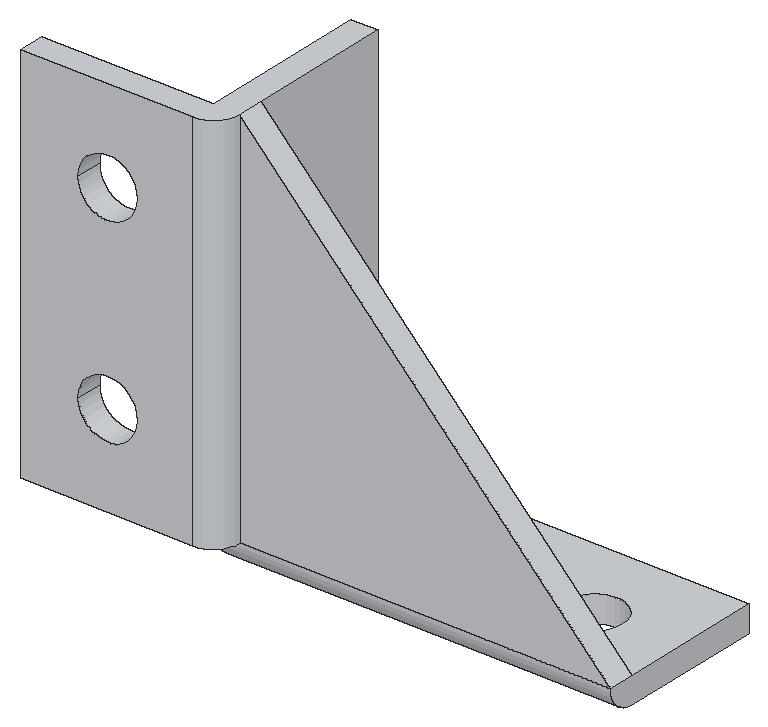
Revit family "Fitting-Wing_Shape-Unistrut-P2344L", category Specialty Equipment, Revit 2012
Parameters (values of type "P2344L")
  ecoScorecard_data = "http://products.ecoscorecard.com/atkore/P2344L"
  ecoScorecard Product Page = "http://products.ecoscorecard.com/atkore/P2344L?action=html"
  Weight Per Piece = 1.76 lbf
  Unit = none
  Unistrut Part Number = "P2344L"  # constant formula
  URL = "http://unistrut.us/index.php"
  Thickness = 1/4"
  Subcategory = "Wing Shape Fittings"  # constant formula
  Product Page URL = "http://unistrut.us/index.php?WP=cat_detail&S=S05&P=P2344L"
  Power Strut Part Number = "PS 2129 L"  # constant formula
  Part Type = "Fitting"  # constant formula
  Overall Width = 5 3/8"
  Overall Length = 1 5/8"
  Overall Height = 3 7/8"
  Model = "P2344L"
  Material = ""
  Manufacturer Phone - Toll Free = "800-882-5543"  # constant formula
  Manufacturer Phone = "708-339-1610"  # constant formula
  Manufacturer Fax = "708-339-7814"  # constant formula
  Manufacturer Email = "mailto:jshaw@atkore.com"
  Manufacturer Address = "16100 South Lathrop Avenue, Harvey, IL 60426"  # constant formula
  Manufacturer = "Unistrut by Atkore International"  # constant formula
  Load Capacity Note = "Visit the product page for load application and capacity."  # constant formula
  Literature URL = "http://unistrut.us/index.php?WP=LItLibrary"
  Hole Diameter = 9/16"
  Cost Info = "mailto:jshaw@atkore.com"
  CAD URL = "http://unistrut.us/index.php?WP=CAD3d"
  Assembly Code = "D5020100"
  95 CSI = "16070"  # constant formula
  04 CSI = "26 05 48"  # constant formula
Reference planes (in)
  plane 1 "Center (Front/Back)": y = 0
  plane 2: z = 0
  plane 3 "Center (Left/Right)": x = 0
  plane 4: z = 3.875
  plane 5: x = -2.6875
  plane 6: y = 0.8125
  plane 7: x = 2.6875
  plane 8: y = -0.8125
  plane 9: z = 0.25
  plane 10: x = 1.875
  plane 11: z = 3
  plane 12: z = 1.125
Dimensions and locks (in)
  "Overall Height": plane 4 to plane 2
  equal spacing: plane 6, plane 1 "Center (Front/Back)", plane 8
  "Overall Length": plane 6 to plane 8
  equal spacing: plane 5, plane 3 "Center (Left/Right)", plane 7
  "Overall Width": plane 5 to plane 7
  "Thickness": plane 9 to plane 2
  aligned and locked: level to plane 2
Nested families (in)
  nested 1: "2344L" at (-1.859375, -0.9375, 3.875) x (1, 0, 0) z (0, 0, -1), type "2344L"
Definition of nested family "2344L"
  Parameters (values of type "2344R")
    Width = 5 3/8"
    Unit = none
    Thickness = 1/4"
    Height = 3 7/8"
    Radiuis = Diameter / 2  # 9/32"
    Length = 1 5/8"
    Diameter = 9/16"
    Default Elevation = 0"
    Bolt Length [instance] = 1 1/2"
  Reference planes (in)
    plane 1 "Center (Front/Back)": y = 0
    plane 2: z = 0
    plane 3 "Center (Left/Right)": x = 0
    plane 4: z = 3.875
    plane 5: y = 1.75
    plane 6: x = 4.546875
    plane 7: y = 0.125
    plane 8: x = -0.828125
    plane 9: z = 3.625
    plane 10: z = 0.875
    plane 11: y = 0.9375
    plane 12: y = 0.375
    plane 13: x = 0.796875
  Forms (in)
    Extrusion 1, solid
      sketch origin (0, 0, 0) x (1, 0, 0) y (0, 1, 0)
        loop
          line (0.796875, 1.75) -> (0.796875, 0.125) -> (-0.828125, 0.125) -> (-0.828125, -0.125) -> (0.796875, -0.125)
          arc (0.796875, -0.125) -> (0.9736517, -0.0517767) -> (1.046875, 0.125) r 0.25
          line (1.046875, 0.125) -> (1.046875, 1.75) -> (0.796875, 1.75)
      from 0 to 3.625
    Extrusion 2, solid
      sketch origin (0, 0, 0) x (1, 0, 0) y (0, 0, 1)
        loop
          line (4.546875, 3.875) -> (0.9586483, 3.875)
          arc (0.9586483, 3.875) -> (0.8442573, 3.8276177) -> (0.796875, 3.7132267) r 0.1617733
          line (0.796875, 3.7132267) -> (0.796875, 3.625) -> (4.546875, 3.625) -> (4.546875, 3.875)
      from -1.75 to -0.375
    Extrusion 3, solid
      sketch origin (0, 0, 0) x (1, 0, 0) y (0, 0, 1)
        loop
          line (1.046875, 3.625) -> (1.046875, 0) -> (4.546875, 3.625) -> (1.046875, 3.625)
      from -0.375 to -0.125
    Extrusion 4, solid
      sketch origin (4.546875, 0, 3.875) x (0, 0, -1) y (0, 1, 0)
        loop
          line (0.25, 0.125) -> (0.25, 0.375) -> (0, 0.375)
          arc (0, 0.375) -> (0.0732233, 0.1982233) -> (0.25, 0.125) r 0.25
      from -3.75 to 0
    Extrusion 5, void
      sketch origin (4.546875, 0.375, 3.875) x (0, 0, 1) y (-1, 0, 0)
        loop
          line (0, 3.5882267) -> (0, 3.75) -> (-0.1617733, 3.75)
          arc (-0.1617733, 3.75) -> (-0.0473823, 3.7026177) -> (0, 3.5882267) r 0.1617733
      from -1.375 to 0.25
    Extrusion 6, void
      sketch origin (0, 0, 0) x (1, 0, 0) y (0, 0, 1)
        loop
          circle (0, 0.875) r 0.28125
        loop
          circle (0, 2.75) r 0.28125
      from -0.125 to 0.125
    Extrusion 7, void
      sketch origin (0, 0, 0) x (1, 0, 0) y (0, 1, 0)
        loop
          circle (3.734375, 0.9375) r 0.28125
        loop
          circle (1.859375, 0.9375) r 0.28125
      from 3.625 to 3.875
  Cuts and joins
    Extrusion 5, Extrusion 6, Extrusion 7 cuts Extrusion 1
    Extrusion 5, Extrusion 6, Extrusion 7 cuts Extrusion 2
    Extrusion 5, Extrusion 6, Extrusion 7 cuts Extrusion 3
    Extrusion 5, Extrusion 6, Extrusion 7 cuts Extrusion 4
    joined: Extrusion 1, Extrusion 2, Extrusion 3, Extrusion 4
  Dimensions and locks (in)
    "Height": plane 4 to plane 2
    "Thickness": plane 4 to plane 9
    "Length": plane 5 to plane 7
    equal spacing: plane 5, plane 11, plane 7
    locked: plane 12 to plane 7 at 0.25
    "Width": plane 8 to plane 6
    plane 13 to plane 6 = 3 3/4"
    "Radiuis": radius of Extrusion 6 sketch curve  (x2)
    "Radiuis": radius of Extrusion 7 sketch curve  (x2)
    aligned and locked: level to plane 2
    aligned and locked: Extrusion 1 sketch curve to plane 7
    aligned and locked: Extrusion 1 sketch curve to plane 5
    aligned and locked: Extrusion 1 sketch curve to plane 8
    aligned and locked: plane 9 to Extrusion 1
    aligned and locked: Extrusion 1 to plane 2
    aligned and locked: plane 6 to Extrusion 2 sketch curve
    aligned and locked: Extrusion 2 sketch curve to plane 4
    aligned and locked: Extrusion 2 sketch curve to plane 9
    aligned and locked: plane 5 to Extrusion 2
    aligned and locked: Extrusion 3 sketch curve to plane 9
    aligned and locked: Extrusion 3 to plane 12
    aligned and locked: Extrusion 3 to plane 7
    aligned and locked: plane 12 to cut or joined group of Extrusion 1, Extrusion 2, Extrusion 3, Extrusion 4, Extrusion 5, Extrusion 6, Extrusion 7
    aligned and locked: Extrusion 4 sketch curve to cut or joined group of Extrusion 1, Extrusion 2, Extrusion 3, Extrusion 4, Extrusion 5, Extrusion 6, Extrusion 7
    aligned and locked: Extrusion 4 sketch curve to Extrusion 3
    aligned and locked: cut or joined group of Extrusion 1, Extrusion 2, Extrusion 3, Extrusion 4, Extrusion 5, Extrusion 6, Extrusion 7 to Extrusion 4
    aligned and locked: Extrusion 4 to cut or joined group of Extrusion 1, Extrusion 2, Extrusion 3, Extrusion 4, Extrusion 5, Extrusion 6, Extrusion 7
    aligned and locked: Extrusion 5 to Extrusion 1
    aligned and locked: Extrusion 1 to Extrusion 5
    aligned and locked: plane 3 "Center (Left/Right)" to Extrusion 6 sketch curve  (x2)
    aligned and locked: Extrusion 1 to Extrusion 6  (x2)
    aligned and locked: plane 11 to Extrusion 7 sketch curve  (x2)
    aligned and locked: Extrusion 7 to Extrusion 1
    aligned and locked: Extrusion 2 to Extrusion 7
    aligned and locked: plane 13 to Extrusion 2 sketch curve
    aligned and locked: Extrusion 3 sketch curve to cut or joined group of Extrusion 1, Extrusion 2, Extrusion 3, Extrusion 4, Extrusion 5, Extrusion 6, Extrusion 7
  Automatic sketch dimensions
    Extrusion 1 sketch curve to plane 7 = 0"
    Extrusion 4 sketch curve to Extrusion 2 = 0"
    Extrusion 5 sketch curve to Extrusion 5 sketch curve = 0"  (x2)
    Extrusion 5 sketch curve to Extrusion 4 = 0.08823"
    Extrusion 4 to Extrusion 5 sketch curve = 0"
    Extrusion 5 sketch curve to Extrusion 4 = 0"  (x3)
    Extrusion 6 sketch curve to plane 10 = 0"
    Extrusion 6 sketch curve to plane 9 = 7/8"
    plane 6 to Extrusion 7 sketch curve = 13/16"
    Extrusion 1 sketch curve to Extrusion 1 sketch curve = 0"
    Extrusion 3 sketch curve to level = 0"
    plane 6 to Extrusion 3 sketch curve = 0"
    Extrusion 1 sketch curve to plane 13 = 0"
    Extrusion 1 sketch curve to plane 13 = 1/4"
    Extrusion 2 sketch curve to plane 13 = 0.16177"
    Extrusion 7 sketch curve to plane 13 = 1 1/16"
